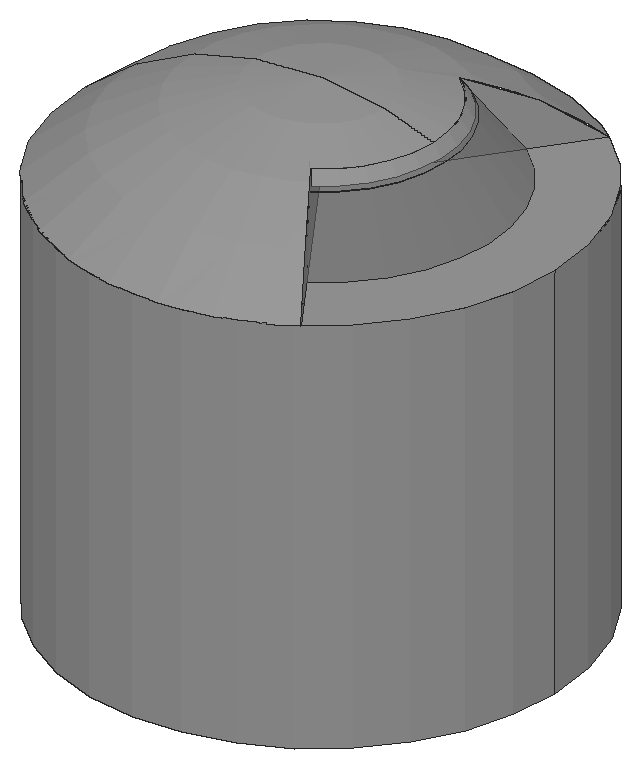
Revit family "4069477 Sylvania Lighting Fixture PATHE GROUND DECO MONO1 ELLIPTICAL 51LM LED 4K", category Lighting Fixtures, host Face, Revit 2016
Family settings
  Host = Face
  Part Type = Normal
  Round Connector Dimension = Use Diameter
  OmniClass Number = 23.80.70.00
  OmniClass Title = Lighting
  Cut with Voids When Loaded = No
  Light Source = No
  Shared = No
  Room Calculation Point = No
Parameters (values of type "4069477 PATHE/G/DM1 ELLIP 51LM LED 4K")
  Weight = "0.41 kg"
  Wattage Comments = ""
  WarrantyStartDate [instance] = "n/a"
  WarrantyGuarantorParts = "n/a"
  WarrantyDurationUnit = "n/a"
  WarrantyDurationParts = "n/a"
  WarrantyDescription = "n/a"
  Voltage = 0 V
  URL = "http://www.sylvania-lighting.com"
  TypeName = "PATHE/GROUND/DECO MONO1 ELLIPTICAL 51LM LED 4K"
  TypeLight_SYL = Pathe DM light : 4069477 PATHE/G/DM1 ELLIP 51LM LED 4K
  Type Image = <None>
  Type Comments = "n/a"
  SerialNumber [instance] = "n/a"
  RotationStart_SYL [instance] = if(BeamInclination22Deg_SYL, 22.00°, if(BeamInclination45Deg_SYL, 45.00°, 0.00°))  # 0.00°
  RotationEnd_SYL [instance] = RotationStart_SYL + 180.00°  # 180.00°
  Radius_SYL = 47.5 mm
  RadiusRef_SYL = 60 mm
  RadiusOpeningTop_SYL = 20 mm
  RadiusDome_SYL = 70.5 mm
  RadiusDiffuserBottom_SYL = 34 mm
  Offset_SYL = 0 mm
  Material_3_SYL = none
  PowerFactor = 0
  PowerConsumption = "1.5 W"
  NominalLength = 95 mm
  NominalHeight = 75 mm
  NominalDepth = 0 mm
  Name = "PATHE/GROUND/DECO MONO1 ELLIPTICAL 51LM LED 4K"
  ModelReference = Name  # "PATHE/GROUND/DECO MONO1 ELLIPTICAL 51LM LED 4K"
  ModelNumber = "4069477"
  Model = Name  # "PATHE/GROUND/DECO MONO1 ELLIPTICAL 51LM LED 4K"
  Material = "corrosion resistant die-cast aluminium housing, uv-resistant polycarbonate diffuser"
  ManufacturerName = "Feilo Sylvania"
  Manufacturer = "Feilo Sylvania"
  LuminousEfficacy = "34 lm/W"
  LuminaireType = ""
  LightOutputRatio = "100"
  LampsType = Lamp  # "LED"
  LampNominalLuminous = "51 lm"
  LampMacAdamStep = "n/a"
  LampColourTemperature = "4000 K"
  LampColourRenderingIndex = "80"
  Lamp = "LED"
  Keynote = "16500"
  InstallationDate [instance] = "n/a"
  InputVoltage = "n/a"
  InputNominalFrequency = "n/a"
  IngressProtection = "IP67"
  ImpactProtectionIndex = "IK10"
  IfcExportType = "IfcLightFixtureType"
  IfcExportAs = "IfcLightFixtureType"
  HieghtGround_SYL = 75 mm
  HeightDome_SYL = 20 mm
  ExpectedLife = 50000
  EmittionSurface_SYL = 28.375 mm
  ElectricShockClassification = "Class I"
  DurationUnit = "hours"
  DocumentationLiterature = "http://www.sylvania-lighting.com/product/en-int/products/4069477"
  DimmingControlOptions = "n/a"
  Material_2_SYL = PC-Sylvania-PatheDM-Glow
  Description = "Single emission recessed ground luminaire, Corrosion resistant die-cast aluminium, 51lm, 1.5W, 34lm/W, 4000K, CRI80+, 13°,40°, non dimmable, IP67, IK10, (ØxD) Ø95x95mm, 3 step MacAdam ellipse, 1.2kg, Class I, 220-240V, A++ A+ A"
  Default Elevation = 1219.2 mm
  CreatedOn = "9/26/2018"
  CreatedBy = "@sylvania-lighting.com"
  Cost = 0
  built-in parameter 1114216 [instance] = (empty or 0)
  ClassificationValue = "EF_70_80"
  ClassificationName = "Uniclass2015"
  Material_1_SYL = Aluminum 6061 T6 80 Hot Formed
  BeamInclination45Deg_SYL [instance] = no
  BeamInclination22Deg_SYL [instance] = no
  BarCode [instance] = "n/a"
  AssetType = "Fixed"
  AssetIdentifier [instance] = "n/a"
  Assembly Code = "D5020200"
  Apparent Load = 1.5 VA
  Material_4_SYL = none
  AngleOpening_SYL = 55.00°
  AngleOpeningMINUS_SYL = -AngleOpening_SYL  # -55.00°
Reference planes
  plane 1 "Center (Front/Back)": y = 0
  plane 2: z = 0
  plane 3 "Center (Left/Right)": x = 0
  plane 4: x = -47.5
  plane 5: z = 20
  plane 6: z = -75
  plane 7: z = -50.5
  plane 8: x = 34
  plane 9: x = 20
  plane 10: z = 14
  plane 11: x = 28.375
  plane 12: z = 8
Forms (mm)
  Revolve 1, void
    sketch origin (0, 0, 0) x (1, 0, 0) y (0, 0, 1)
      loop
        line (0, -75) -> (0, 0) -> (-47.5, 0) -> (-47.5, -75) -> (0, -75)
      axis (0, 0) -> (0, -75)
    angle from 360 to 0
  Revolve 2, solid, material "Aluminum 6061 T6 80 Hot Formed" <- "Material_1_SYL"
    sketch origin (0, 0, 0) x (1, 0, 0) y (0, 0, 1)
      loop
        arc (0, 20) -> (-25.47, 15.238) -> (-47.5, 1.596) r 70.5
        line (-47.5, 1.596) -> (-47.5, -75) -> (0, -75) -> (0, 20)
      axis (0, 20) -> (0, -75)
    angle from 360 to 0
  Blend 3, void
    base sketch origin (1223.4, -4572, 20) x (-1, 0, 0) y (0, -1, 0)
      loop
        arc (1211.928, -4588.383) -> (1203.4, -4572) -> (1211.928, -4555.617) r 20
        line (1211.928, -4555.617) -> (1188.985, -4522.851)
        arc (1188.985, -4522.851) -> (1163.4, -4572) -> (1188.985, -4621.149) r 60
        line (1188.985, -4621.149) -> (1211.928, -4588.383)
    top sketch origin (1223.4, -4572, 20) x (-1, 0, 0) y (0, -1, 0)
      loop
        arc (1203.898, -4599.851) -> (1189.4, -4572) -> (1203.898, -4544.149) r 34
        line (1203.898, -4544.149) -> (1189.643, -4523.79)
        arc (1189.643, -4523.79) -> (1166.079, -4572) -> (1189.643, -4620.21) r 61.101
        line (1189.643, -4620.21) -> (1203.898, -4599.851)
    from 0 to -18.404
  Revolve 4, void
    sketch origin (0, 0, 0) x (1, 0, 0) y (0, 0, 1)
      loop
        line (0, 14) -> (0, 1.596) -> (34, 1.596) -> (34, 14) -> (0, 14)
      axis (0, 14) -> (0, 1.596)
    angle from -55 <- "AngleOpeningMINUS_SYL" to 55 <- "AngleOpening_SYL"
  Revolve 5, solid, material "PC-Sylvania-PatheDM-Glow" <- "Material_2_SYL"
    sketch origin (0, 0, 0) x (1, 0, 0) y (0, 0, 1)
      loop
        line (0, 14) -> (0, 1.596) -> (34, 1.596) -> (25.165, 13.211)
        arc (25.165, 13.211) -> (24.461, 13.792) -> (23.573, 14) r 2
        line (23.573, 14) -> (0, 14)
      axis (0, 14) -> (0, 1.596)
    angle from -55 <- "AngleOpeningMINUS_SYL" to 55 <- "AngleOpening_SYL"
  Revolve 6, solid, not visible
    sketch origin (28.375, 1524, 1219.2) x (0, 1, 0) y (0, 0, 1)
      loop
        line (-1520, -1211.2) -> (-1520, -1208.402) -> (-1528, -1208.402) -> (-1528, -1211.2) -> (-1520, -1211.2)
      axis (-1520, -1211.2) -> (-1528, -1211.2)
    angle from 0 <- "RotationStart_SYL" to 180 <- "RotationEnd_SYL"
Cuts and joins
  Blend 3, Revolve 4 cuts Revolve 2
Lines and regions (mm)
  reference lines
    curve 1: circle (0, 0, -50.5) r 70.5 normal (0, -1, 0)
    curve 2: line (-47.5, 0, 1.596) -> (0, 0, 1.596)
    curve 3: circle (0, 0, 20) r 20 normal (0, 0, -1)
    curve 4: line (0, 0, 20) -> (34.415, 49.149, 20)
    curve 5: line (0, 0, 20) -> (34.415, -49.149, 20)
    curve 6: line (0, 0, 20) -> (40.15, 57.341, 20)
    curve 7: line (40.15, -57.341, 20) -> (0, 0, 20)
    curve 8: circle (0, 0, 20) r 34 normal (0, 0, -1)
    curve 9: circle (0, 0, 20) r 26.7 normal (0, 0, -1)
    curve 10: line (0, 0, 20) -> (22.977, 0, 16.151)
    curve 11: line (20, 0, 20) -> (34, 0, 1.596)
    curve 12: line (28.375, -4, 1.596) -> (28.375, -4, 20)
    curve 13: line (28.375, 4, 20) -> (28.375, 4, 1.596)
Dimensions and locks
  "Radius_SYL": plane 3 "Center (Left/Right)" to plane 4
  "HeightDome_SYL": plane 5 to plane 2
  "HieghtGround_SYL": plane 2 to plane 6
  "RadiusDome_SYL": plane 5 to curve 1
  "Offset_SYL": curve 6 to curve 4
  "Offset_SYL": curve 5 to curve 7
  "RadiusOpeningTop_SYL": plane 3 "Center (Left/Right)" to plane 9
  "RadiusDiffuserBottom_SYL": plane 3 "Center (Left/Right)" to plane 8
  locked: plane 5 to plane 10 at 6
  "EmittionSurface_SYL": plane 3 "Center (Left/Right)" to plane 11
  locked: plane 10 to plane 12 at 6
  curve 12 to plane 1 "Center (Front/Back)" to curve 13 = 4 mm locked, 4 mm locked
  "RadiusDome_SYL": radius of curve 1
  "RadiusOpeningTop_SYL": radius of curve 3
  "RadiusDiffuserBottom_SYL": radius of curve 8
  radius of curve 9 = 26.7 mm
  "AngleOpening_SYL": angle plane 1 "Center (Front/Back)" to curve 4
  "AngleOpening_SYL": angle curve 5 to plane 1 "Center (Front/Back)"
  "AngleOpening_SYL": angle plane 1 "Center (Front/Back)" to curve 6
  "AngleOpening_SYL": angle curve 7 to plane 1 "Center (Front/Back)"
  aligned and locked: plane 2 to host face
  aligned and locked: level to host face
  aligned and locked: plane 3 "Center (Left/Right)" to curve 1
  aligned and locked: plane 3 "Center (Left/Right)" to curve 2
  aligned and locked: Revolve 1 sketch curve to plane 3 "Center (Left/Right)"  (x2)
  aligned and locked: Revolve 1 sketch curve to plane 6
  aligned and locked: Revolve 1 sketch curve to level
  aligned and locked: plane 4 to Revolve 1 sketch curve
  aligned and locked: Revolve 2 sketch curve to plane 3 "Center (Left/Right)"  (x2)
  aligned and locked: Revolve 2 sketch curve to curve 1
  aligned and locked: Revolve 2 sketch curve to plane 4
  aligned and locked: plane 3 "Center (Left/Right)" to curve 3
  aligned and locked: plane 1 "Center (Front/Back)" to curve 3
  aligned and locked: plane 3 "Center (Left/Right)" to curve 4
  aligned and locked: plane 1 "Center (Front/Back)" to curve 6
  aligned and locked: plane 3 "Center (Left/Right)" to curve 8
  aligned and locked: plane 1 "Center (Front/Back)" to curve 8
  aligned and locked: Blend 3 sketch curve to curve 3
  aligned and locked: curve 4 to Blend 3 sketch curve
  aligned and locked: curve 5 to Blend 3 sketch curve
  aligned and locked: curve 6 to Blend 3 sketch curve
  aligned and locked: curve 7 to Blend 3 sketch curve
  aligned and locked: Blend 3 sketch curve to curve 8
  aligned and locked: plane 5 to Blend 3
  aligned and locked: curve 2 to Blend 3
  aligned and locked: plane 3 "Center (Left/Right)" to curve 9
  aligned and locked: plane 1 "Center (Front/Back)" to curve 9
  aligned and locked: curve 11 to cut or joined group of Revolve 2, Blend 3, Revolve 4
  aligned and locked: plane 9 to curve 11
  aligned and locked: plane 5 to curve 11
  aligned and locked: plane 8 to curve 11
  aligned and locked: curve 2 to curve 11
  aligned and locked: Revolve 4 sketch curve to plane 3 "Center (Left/Right)"
  aligned and locked: Revolve 4 sketch curve to curve 2
  aligned and locked: plane 3 "Center (Left/Right)" to Revolve 4 sketch curve
  aligned and locked: Revolve 4 sketch curve to plane 8
  aligned and locked: plane 10 to Revolve 4 sketch curve
  aligned and locked: Revolve 5 sketch curve to plane 3 "Center (Left/Right)"
  aligned and locked: Revolve 5 sketch curve to cut or joined group of Revolve 2, Blend 3, Revolve 4  (x3)
  aligned and locked: curve 11 to Revolve 5 sketch curve
  aligned and locked: Revolve 6 sketch curve to plane 12  (x2)
  aligned and locked: curve 13 to Revolve 6 sketch curve
  aligned and locked: curve 12 to Revolve 6 sketch curve
  aligned and locked: plane 6 to Revolve 2 sketch curve
  aligned and locked: plane 1 "Center (Front/Back)" to nested 1
  aligned and locked: plane 12 to nested 1
Automatic sketch dimensions
  host sketch curve to host sketch curve = 2438.4 mm  (x2)
  plane 6 to Revolve 1 sketch curve = 534.6 mm
  Revolve 1 sketch curve to plane 5 = 2589.058 mm
  Blend 3 sketch curve to Blend 3 sketch curve = 0 mm  (x4)
  curve 10 to plane 3 "Center (Left/Right)" = 0 mm
  plane 9 to curve 10 = 2.977 mm
  plane 6 to Revolve 4 sketch curve = 534.6 mm
  Revolve 4 sketch curve to plane 5 = 2589.058 mm
  plane 9 to Revolve 5 sketch curve = 3.573 mm
  plane 10 to Revolve 5 sketch curve = 0.789 mm
  plane 6 to Revolve 5 sketch curve = 534.6 mm
  Revolve 5 sketch curve to plane 5 = 2589.058 mm
  curve 2 to plane 4 = 0 mm
  plane 5 to curve 13 = 0 mm
  plane 5 to curve 12 = 0 mm
  level to curve 12 = 1.596 mm
  level to curve 13 = 1.596 mm
  Revolve 6 sketch curve to Revolve 6 sketch curve = 2.798 mm
  Revolve 6 sketch curve to Revolve 6 sketch curve = 2550.941 mm
  Revolve 6 sketch curve to Revolve 6 sketch curve = 2093.409 mm
  plane 6 to Revolve 2 sketch curve = 534.6 mm
  Revolve 2 sketch curve to Revolve 2 sketch curve = 2589.058 mm
Nested families
  nested 1: "Pathe DM light" at (28.375, 0, 8) x (0, 0, 1) z (1, 0, 0), type <- "TypeLight_SYL", type "4069477 PATHE/G/DM1 ELLIP 51LM LED 4K"
    with built-in parameter 1114216 (empty or 0)
Connectors
  electrical at (0, 0, 0), driven by "Apparent Load", driven by "PowerFactor", driven by "Voltage"
    settings: index 1, voltage 0 V, apparent load 1.5 VA, apparent load phase1 0 VA, apparent load phase2 0 VA, apparent load phase3 0 VA, power factor 0, load classification "Lighting", number of poles 1, system type 30, power factor state 1, is connector primary yes, connector utility no, sub classification motor no, connector description ""
Definition of nested family "Pathe DM light"
  Parameters (values of type "4069478 PATHE/G/DM3 ELLIP 320LM LED 4K")
    Wattage Comments = "n/a"
    Wattage = 11 W
    built-in parameter 1150110 = 1 (stored number, unit not read)
    URL = "http://www.sylvania-lighting.com"
    Type Image = (empty or 0)
    Type Comments = "n/a"
    built-in parameter 1114217 = 1 (stored number, unit not read)
    Tilt Angle = -90.00°
    built-in parameter 1150109 = 1 (stored number, unit not read)
    built-in parameter 1150134 = 12
    built-in parameter 1150113 = 1 (stored number, unit not read)
    RadiusTop_SYL = 463.25 mm
    RadiusSide_SYL = 88.395 mm
    RadiusLensCircle_SYL = 25.5 mm
    Photometric Web File = "Pathe Ground DM.ies"
    built-in parameter 1150142 = "IESNA:LM-63-2002\r\n[TEST] \"\"\r\n[TESTLAB] FEILO SYLVANIA Lighting EULUMDAT\r\n[TESTDATE] 26 Oct 2017\r\n[ISSUEDATE] 26 Oct 2017\r\n[MANUFAC] FEILO SYLVANIA Lighting EULUMDAT\r\n[LUMCAT] 0027954\r\n[LUMINAIRE] RefLED Superia v3 MR16 Dimmable 450lm 840 25°\r\n[FLASHAREA] 0.000195\r\n[LAMPCAT] RefLED Superia v3 MR16 Dimmable 450lm 840 25°\r\n[LAMP] RefLED Superia v3 MR16 Dimmable 450lm 840 25°\r\nTILT=NONE\r\n1 500.00 1.0 67 1 1 2 -0.032 -0.032 0.000\r\n1.00 1.00 5.00\r\n0.00 0.50 1.00 1.50 2.00 2.50 3.00 3.50 4.00 4.50 5.00 \r\n6.00 7.00 8.00 9.00 10.00 11.00 12.00 13.00 14.00 15.00 \r\n16.00 17.00 18.00 19.00 20.00 21.00 22.00 23.00 24.00 \r\n25.00 26.00 27.00 28.00 29.00 30.00 32.00 34.00 36.00 \r\n38.00 40.00 42.00 44.00 45.00 46.00 48.00 50.00 52.00 \r\n54.00 56.00 58.00 60.00 62.00 64.00 66.00 68.00 70.00 \r\n72.00 74.00 76.00 78.00 80.00 82.00 84.00 86.00 88.00 \r\n90.00 \r\n0.00 \r\n952.00 950.00 948.50 945.00 940.00 932.00 923.00 911.00 \r\n898.00 881.00 860.50 800.50 740.00 692.50 642.50 587.00 \r\n533.00 481.50 432.00 382.50 334.00 288.50 250.00 212.00 \r\n181.50 156.00 134.00 117.50 103.50 92.00 82.50 74.00 \r\n67.50 60.50 55.00 49.75 41.20 34.30 28.55 24.25 20.95 \r\n18.20 16.00 15.15 14.35 12.70 11.45 10.45 9.50 8.40 7.60 \r\n6.75 5.95 3.45 1.50 0.70 0.55 0.55 0.55 0.70 0.70 0.70 \r\n0.70 0.70 0.70 0.70 0.70 \r\n"
    Model = "PATHE/GROUND/DECO MONO3 ELLIPTICAL 320LM LED 4K"
    Manufacturer = "Feilo Sylvania"
    built-in parameter 1150105 = 609.28 (stored number, unit not read)
    Lumens = 320 lm
    built-in parameter 1150115 = 1 (stored number, unit not read)
    built-in parameter 1150137 = (empty or 0)
    built-in parameter 1150139 = (empty or 0)
    built-in parameter 1150112 = 1 (stored number, unit not read)
    built-in parameter 1150114 = 1 (stored number, unit not read)
    Lamp = "LED"
    Keynote = "16500"
    built-in parameter 1150132 = (empty or 0)
    built-in parameter 1150102 = (empty or 0)
    built-in parameter 1150107 = 4000 (stored number, unit not read)
    built-in parameter 1150138 = (empty or 0)
    built-in parameter 1150106 = 6.0928 (stored number, unit not read)
    built-in parameter 1150104 = 2.7026 (stored number, unit not read)
    Dimming Lamp Color Temperature Shift = (empty or 0)
    Description = "Single emission recessed ground luminaire, Corrosion resistant die-cast aluminium, 320lm, 11W, 29lm/W, 4000K, CRI80+, 13°,40°, non dimmable, IP67, IK10, (ØxD) Ø215x245mm, 3, Class I, 220-240V, A++ A+ A"
    Default Elevation = 1219.2 mm
    Cost = 0
    Color Filter = 16777215
    built-in parameter 1114216 [instance] = (empty or 0)
    built-in parameter 1114218 = 1 (stored number, unit not read)
    built-in parameter 1150133 = 10 (stored number, unit not read)
    Assembly Code = "D5020200"
    Apparent Load = 11 VA
  Types (12, lengths in mm): name | Wattage | built-in parameter 1150134 | Model | built-in parameter 1150105 | Lumens | built-in parameter 1150107 | built-in parameter 1150106 | built-in parameter 1150104 | Description | Apparent Load
    4069478 PATHE/G/DM3 ELLIP 320LM LED 4K | 11 W | 12 | "PATHE/GROUND/DECO MONO3 ELLIPTICAL 320LM LED 4K" | 609.28 (stored number, unit not read) | 320 lm | 4000 (stored number, unit not read) | 6.0928 (stored number, unit not read) | 2.7026 (stored number, unit not read) | "Single emission recessed ground luminaire, Corrosion resistant die-cast aluminium, 320lm, 11W, 29lm/W, 4000K, CRI80+, 13°,40°, non dimmable, IP67, IK10, (ØxD) Ø215x245mm, 3, Class I, 220-240V, A++ A+ A" | 11 VA
    4069477 PATHE/G/DM1 ELLIP 51LM LED 4K | 1.5 W | 12 | "PATHE/GROUND/DECO MONO1 ELLIPTICAL 51LM LED 4K" | 97.104 (stored number, unit not read) | 51 lm | 4000 (stored number, unit not read) | 0.97104 (stored number, unit not read) | 3.1587 (stored number, unit not read) | "Single emission recessed ground luminaire, Corrosion resistant die-cast aluminium, 51lm, 1.5W, 34lm/W, 4000K, CRI80+, 13°,40°, non dimmable, IP67, IK10, (ØxD) Ø95x95mm, 3 step MacAdam ellipse, 1.2kg, Class I, 220-240V, A++ A+ A" | 1.5 VA
    4069413 PATHE/G/DM3 NAR 323LM LED 3K | 11 W | (empty or 0) | "PATHE/GROUND/DECO MONO3 NARROW 323LM LED 3K" | 614.99 (stored number, unit not read) | 323 lm | 3000 (stored number, unit not read) | 6.1499 (stored number, unit not read) | 2.728 (stored number, unit not read) | "Single emission recessed ground luminaire, Corrosion resistant die-cast aluminium, 323lm, 11W, 29lm/W, 3000K, CRI80+, 10°, non dimmable, IP67, IK10,  (ØxD) Ø215x245mm, 3 step MacAdam ellipse, Class I, 220-240V, A++ A+ A" | 11 VA
    4069412 PATHE/G/DM3 ELLIP 302LM LED 3K | 11 W | (empty or 0) | "PATHE/GROUND/DECO MONO3 ELLIPTICAL 302LM LED 3K" | 575.01 (stored number, unit not read) | 302 lm | 3000 (stored number, unit not read) | 5.7501 (stored number, unit not read) | 2.5506 (stored number, unit not read) | "Single emission recessed ground luminaire, Corrosion resistant die-cast aluminium, 302lm, 11W, 27lm/W, 3000K, CRI80+, 13°,40°, non dimmable, IP67, IK10, (ØxD) Ø215x245mm, 3 step MacAdam ellipse, Class I, 220-240V, A++ A+ A" | 11 VA
    4069411 PATHE/G/DM3 NAR 342LM LED 4K | 11 W | 12 | "PATHE/GROUND/DECO MONO3 NARROW 342LM LED 4K" | 651.17 (stored number, unit not read) | 342 lm | 4000 (stored number, unit not read) | 6.5117 (stored number, unit not read) | 2.8884 (stored number, unit not read) | "Single emission recessed ground luminaire, Corrosion resistant die-cast aluminium, 342lm, 11W, 31lm/W, 4000K, CRI80+, 10°, non dimmable, IP67, IK10, (ØxD) Ø215x245mm, 3 step MacAdam ellipse, Class I, 220-240V, A++ A+ A" | 11 VA
    4069407 PATHE/G/DM2 NAR 98LM LED 3K | 4 W | (empty or 0) | "PATHE/GROUND/DECO MONO2 NARROW 98LM LED 3K" | 186.59 (stored number, unit not read) | 98 lm | 3000 (stored number, unit not read) | 1.8659 (stored number, unit not read) | 2.2761 (stored number, unit not read) | "Single emission recessed ground luminaire, Corrosion resistant die-cast aluminium, 98lm, 4W, 24lm/W, 3000K, CRI80+, 10°, non dimmable, IP67, IK10, (ØxD) Ø145x125mm, 3 step MacAdam ellipse, 1.2kg, Class I, 220-240V, A++ A+ A" | 4 VA
    4069406 PATHE/G/DM2 ELLIP 102LM LED 3K | 4 W | (empty or 0) | "PATHE/GROUND/DECO MONO2 ELLIPTICAL 102LM LED 3K" | 194.21 (stored number, unit not read) | 102 lm | 3000 (stored number, unit not read) | 1.9421 (stored number, unit not read) | 2.369 (stored number, unit not read) | "Single emission recessed ground luminaire, Corrosion resistant die-cast aluminium, 102lm, 4W, 25lm/W, 3000K, CRI80+, 13°,40°, non dimmable, IP67, IK10, (ØxD) Ø145x125mm, 3 step MacAdam ellipse, 1.2kg, Class I, 220-240V, A++ A+ A" | 4 VA
    4069405 PATHE/G/DM2 NAR 104LM LED 4K | 4 W | 12 | "PATHE/GROUND/DECO MONO2 NARROW 104LM LED 4K" | 198.02 (stored number, unit not read) | 104 lm | 4000 (stored number, unit not read) | 1.9802 (stored number, unit not read) | 2.4155 (stored number, unit not read) | "Single emission recessed ground luminaire, Corrosion resistant die-cast aluminium, 104lm, 4W, 26lm/W, 4000K, CRI80+, 10°, non dimmable, IP67, IK10, (ØxD) Ø145x125mm, 3 step MacAdam ellipse, 1.2kg, Class I, 220-240V, A++ A+ A" | 4 VA
    4069404 PATHE/G/DM2 ELLIP 108LM LED 4K | 4 W | 12 | "PATHE/GROUND/DECO MONO2 ELLIPTICAL 108LM LED 4K" | 205.63 (stored number, unit not read) | 108 lm | 4000 (stored number, unit not read) | 2.0563 (stored number, unit not read) | 2.5084 (stored number, unit not read) | "Single emission recessed ground luminaire, Corrosion resistant die-cast aluminium, 108lm, 4W, 27lm/W, 4000K, CRI80+, 13°,40°, non dimmable, IP67, IK10, (ØxD) Ø145x125mm, 3 step MacAdam ellipse, 1.2kg, Class I, 220-240V, A++ A+ A" | 4 VA
    4069403 PATHE/G/DM1 NAR 54LM LED 3K | 1.5 W | (empty or 0) | "PATHE/GROUND/DECO MONO1 NARROW 54LM LED 3K" | 102.82 (stored number, unit not read) | 54 lm | 3000 (stored number, unit not read) | 1.0282 (stored number, unit not read) | 3.3445 (stored number, unit not read) | "Single emission recessed ground luminaire, Corrosion resistant die-cast aluminium, 54lm, 1.5W, 36lm/W, 3000K, CRI80+, 10°, non dimmable, IP67, IK10, (ØxD) Ø95x95mm, 3 step MacAdam ellipse, Class I, 220-240V, A++ A+ A" | 1.5 VA
    4069402 PATHE/G/DM1 ELLIP 49LM LED 3K | 1.5 W | (empty or 0) | "PATHE/GROUND/DECO MONO1 ELLIPTICAL 49LM LED 3K" | 93.296 (stored number, unit not read) | 49 lm | 3000 (stored number, unit not read) | 0.93296 (stored number, unit not read) | 3.0348 (stored number, unit not read) | "Single emission recessed ground luminaire, Corrosion resistant die-cast aluminium, 49lm, 1.5W, 33lm/W, 3000K, CRI80+, 13°,40°, non dimmable, IP67, IK10, (ØxD) Ø95x95mm, 3 step MacAdam ellipse, 1.2kg, Class I, 220-240V, A++ A+ A" | 1.5 VA
    4069401 PATHE/G/DM1 NAR 57LM LED 4K | 1.5 W | 12 | "PATHE/GROUND/DECO MONO1 NARROW 57LM LED 4K" | 108.53 (stored number, unit not read) | 57 lm | 4000 (stored number, unit not read) | 1.0853 (stored number, unit not read) | 3.5303 (stored number, unit not read) | "Single emission recessed ground luminaire, Corrosion resistant die-cast aluminium, 57lm, 1.5W, 38lm/W, 4000K, CRI80+, 10°, non dimmable, IP67, IK10, (ØxD) Ø95x95mm, 3 step MacAdam ellipse, Class I, 220-240V, A++ A+ A" | 1.5 VA
  Reference planes
    plane 1 "Center (Front/Back)": y = 0
    plane 2: z = 0
    plane 3 "Center (Left/Right)": x = 0
  Forms (mm)
    Extrusion 1, solid
      sketch origin (4.2, 0, 0) x (1, 0, 0) y (0, 1, 0)
        loop
          line (-1219.2, 1219.2) -> (-1219.2, -1219.2) -> (1219.2, -1219.2) -> (1219.2, 1219.2) -> (-1219.2, 1219.2)
      from 0 to -68.017
  Dimensions and locks
    aligned and locked: plane 2 to Extrusion 1
    aligned and locked: level to Extrusion 1
    aligned and locked: plane 3 "Center (Left/Right)" to imposter light
    aligned and locked: imposter light to plane 1 "Center (Front/Back)"
    aligned and locked: plane 2 to imposter light
